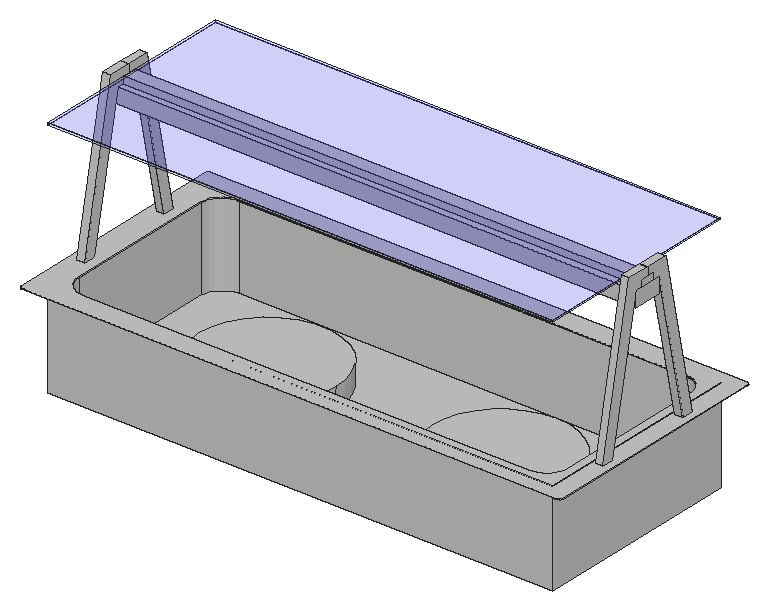
Revit family "QF_ELECTROLUXPROFESSIONAL_CC0HN0_CC0HN0", category Specialty Equipment, Revit 2023
Family settings
  Round Connector Dimension = Use Diameter
  Part Type = Normal
  Work Plane-Based = No
  Enable Cutting in Views = No
  Always vertical = Yes
  Cut with Voids When Loaded = No
  Maintain Annotation Orientation = No
  Shared = No
  Room Calculation Point = No
Parameters (values of type "Standard")
  Weight = 57.05 kg
  Watts = 0 W
  Volts = 220 V
  URL Manufacturer = "http://www.electroluxprofessional.com"
  URL = "http://www.electroluxprofessional.com"
  Steam Supply Size = 0 mm
  Steam Supply Minimum Pressure = 0.0 Pa
  Steam Supply Maximum Pressure = 0.0 Pa
  Steam Consumption per Hour = 0
  Refrigeration Suction Line Size = 0 mm
  Refrigeration Liquid Line Size = 0 mm
  Refrigerant Compressor Remote = yes
  Default Elevation = 0 mm
  Manufacturer = "Electrolux Professional"
  Phase = 1
  Model = "CC0HN0"
  Length Actual = 1420 mm
  Item Number = "CC0HN0"
  Hot Water Size = 0 mm
  Height Actual = 680 mm
  HP = "2.8 HP"
  Gas Size = 0 mm
  Gas KW = 0
  Gas Input Pressure = 0 W
  Direct Waste Size = 25.4 mm
  Description = "DROP-IN BAIN-MARIE, AIR VENTILATED, SINGLE WELL, 4GN WITH A TYPE OVERSHELF AND HALOGEN LAMP"
  Depth Actual = 620 mm
  Cycle = 50 Hz
  Condensate Return Size = 0 mm
  Compressed Air Volume = 0.0 L/s
  Compressed Air Size = 0 mm
  Compressed Air Pressure = 0.0 Pa
  Cold Water Size = 0 mm
  Accessory = no
Reference planes
  plane 1 "BACK": y = 0
  plane 2: z = 5.426
  plane 3 "LEFT": x = 0
  plane 4: y = -620
  plane 5: x = 1420
  plane 6: z = 409.426
  plane 7: y = -310
  plane 8: x = 710
Forms (mm)
  Extrusion 1, solid, material "QF_Finishes_Stainless Steel"
    sketch origin (0, 0, 5.426) x (1, 0, 0) y (0, 1, 0)
      loop
        arc (10, 0) -> (2.929, -2.929) -> (0, -10) r 10
        line (0, -10) -> (0, -610)
        arc (0, -610) -> (2.929, -617.071) -> (10, -620) r 10
        line (10, -620) -> (1410, -620)
        arc (1410, -620) -> (1417.071, -617.071) -> (1420, -610) r 10
        line (1420, -610) -> (1420, -10)
        arc (1420, -10) -> (1417.071, -2.929) -> (1410, 0) r 10
        line (1410, 0) -> (10, 0)
    from 0 to 1
  Extrusion 2, solid, material "QF_Finishes_Stainless Steel"
    sketch origin (0, 0, 12.548) x (1, 0, 0) y (0, 1, 0)
      loop
        line (50, -35) -> (50, -585) -> (1370, -585) -> (1370, -35) -> (50, -35)
    from -251.122 to -7.122
  Extrusion 3, void
    sketch origin (0, 0, -2.817) x (1, 0, 0) y (0, 1, 0)
      loop
        arc (125, -55) -> (86.109, -71.109) -> (70, -110) r 55
        line (70, -110) -> (70, -510)
        arc (70, -510) -> (86.109, -548.891) -> (125, -565) r 55
        line (125, -565) -> (1295, -565)
        arc (1295, -565) -> (1333.891, -548.891) -> (1350, -510) r 55
        line (1350, -510) -> (1350, -110)
        arc (1350, -110) -> (1333.891, -71.109) -> (1295, -55) r 55
        line (1295, -55) -> (125, -55)
    from -209.107 to 9.244
  Extrusion 4, solid, material "QF_Finishes_Stainless Steel"
    sketch origin (21.5, -620, 0) x (0, -1, 0) y (0, 0, -1)
      loop
        line (-310, -409.426) -> (-250.873, -409.426) -> (-165, -5.426) -> (-195, -5.426) -> (-272.583, -370.426) -> (-310, -370.426) -> (-310, -409.426)
    from 0 to 20
  Extrusion 5, solid, material "QF_Finishes_Stainless Steel"
    sketch origin (21.5, 0, 0) x (0, 1, 0) y (0, 0, 1)
      loop
        line (-310, 409.426) -> (-310, 370.426) -> (-272.583, 370.426) -> (-195, 5.426) -> (-165, 5.426) -> (-250.873, 409.426) -> (-310, 409.426)
    from 0 to 20
  Extrusion 6, solid, material "QF_Finishes_Stainless Steel"
    sketch origin (1398.5, -620, 0) x (0, -1, 0) y (0, 0, 1)
      loop
        line (-310, 409.426) -> (-310, 370.426) -> (-272.583, 370.426) -> (-195, 5.426) -> (-165, 5.426) -> (-250.873, 409.426) -> (-310, 409.426)
    from 0 to 20
  Extrusion 7, solid, material "QF_Finishes_Stainless Steel"
    sketch origin (1398.5, 0, 0) x (0, 1, 0) y (0, 0, -1)
      loop
        line (-310, -409.426) -> (-250.873, -409.426) -> (-165, -5.426) -> (-195, -5.426) -> (-272.583, -370.426) -> (-310, -370.426) -> (-310, -409.426)
    from 0 to 20
  Extrusion 8, solid, material "QF_Finishes_Stainless Steel"
    sketch origin (0, 0, 0) x (0, 1, 0) y (0, 0, 1)
      loop
        line (-291.292, 370.426) -> (-291.292, 387.956) -> (-328.917, 387.956) -> (-328.917, 370.426) -> (-291.292, 370.426)
    from 21.5 to 1398.5
  Extrusion 9, solid, material "Vetro"
    sketch origin (0, 0, 5.426) x (1, 0, 0) y (0, 1, 0)
      loop
        line (50, -35) -> (50, -585) -> (1370, -585) -> (1370, -35) -> (50, -35)
    from 382.529 to 387.529
  Extrusion 10, solid, material "QF_Finishes_Stainless Steel"
    sketch origin (329.693, -341.308, -643.387) x (0, 0, -1) y (0, 1, 0)
      loop
        circle (-372.814, -140.692) r 12.7
    from 5 to 70.307
  Extrusion 11, solid, material "QF_Finishes_Stainless Steel"
    sketch origin (0, 0, 0) x (0, 1, 0) y (0, 0, 1)
      loop
        line (-272.583, 370.426) -> (-347.583, 370.426) -> (-347.583, 330.426) -> (-272.583, 330.426) -> (-272.583, 370.426)
    from 21.5 to 1398.5
  Extrusion 12, solid, material "QF_Finishes_Stainless Steel"
    sketch origin (34.947, 0, 0) x (0, 1, 0) y (0, 0, 1)
      loop
        line (-280.414, 330.426) -> (-340.414, 330.426) -> (-340.414, 325.426) -> (-280.414, 325.426) -> (-280.414, 330.426)
    from 113.553 to 313.553
  Extrusion 13, solid, material "QF_Finishes_Stainless Steel"
    sketch origin (769.053, 0, 0) x (0, 1, 0) y (0, 0, -1)
      loop
        line (-280.414, -330.426) -> (-280.414, -325.426) -> (-340.414, -325.426) -> (-340.414, -330.426) -> (-280.414, -330.426)
    from 113.553 to 313.553
  Extrusion 14, solid, material "QF_Finishes_Stainless Steel"
    sketch origin (1385.053, 0, 0) x (0, 1, 0) y (0, 0, -1)
      loop
        line (-280.414, -330.426) -> (-280.414, -325.426) -> (-340.414, -325.426) -> (-340.414, -330.426) -> (-280.414, -330.426)
    from 113.553 to 313.553
  Extrusion 15, solid, material "QF_Finishes_Stainless Steel"
    sketch origin (650.947, 0, 0) x (0, 1, 0) y (0, 0, 1)
      loop
        line (-280.414, 330.426) -> (-340.414, 330.426) -> (-340.414, 325.426) -> (-280.414, 325.426) -> (-280.414, 330.426)
    from 113.553 to 313.553
  Extrusion 16, solid, material "QF_Finishes_Stainless Steel"
    sketch origin (0, 0, 5.426) x (1, 0, 0) y (0, 1, 0)
      loop
        circle (386.025, -481.971) r 12.675
    from -276 to -244
  Extrusion 17, solid, material "QF_Finishes_Stainless Steel"
    sketch origin (0, 0, 22.375) x (1, 0, 0) y (0, 1, 0)
      loop
        circle (1015.693, -310) r 180
    from -234.299 to -181.299
  Extrusion 18, solid, material "QF_Finishes_Stainless Steel"
    sketch origin (1420, 0, 22.375) x (-1, 0, 0) y (0, -1, 0)
      loop
        circle (1015.693, 310) r 180
    from -234.299 to -181.299
  Extrusion 19, solid, material "QF_Finishes_Stainless Steel"
    sketch origin (0, 0, 0.351) x (0, 1, 0) y (0, 0, 1)
      loop
        line (-161.185, -238.924) -> (-461.185, -238.924) -> (-461.185, -268.924) -> (-161.185, -268.924) -> (-161.185, -238.924)
    from 247.74 to 572.66
  Extrusion 20, solid, material "QF_Finishes_Stainless Steel"
    sketch origin (1420, 0, 0.351) x (0, 1, 0) y (0, 0, -1)
      loop
        line (-161.185, 238.924) -> (-161.185, 268.924) -> (-461.185, 268.924) -> (-461.185, 238.924) -> (-161.185, 238.924)
    from 247.74 to 572.66
Cuts and joins
  Extrusion 3 cuts Extrusion 1
  Extrusion 3 cuts Extrusion 2
Dimensions and locks
  equal spacing: Extrusion 1, Extrusion 2 sketch curve, Extrusion 2 sketch curve, Extrusion 1  (x2)
  Extrusion 1 to Extrusion 1 = 1420 mm
  Extrusion 1 to plane 1 "BACK" = 620 mm
  equal spacing: Extrusion 2, Extrusion 3 sketch curve, Extrusion 3 sketch curve, Extrusion 2  (x2)
  plane 6 to plane 2 = 404 mm
  equal spacing: plane 3 "LEFT", plane 8, plane 5
  Extrusion 11 sketch curve to cut or joined group of Extrusion 1, Extrusion 3 = 324 mm
  Extrusion 5 to plane 8 to Extrusion 7 = 668.5 mm, 668.5 mm
  aligned and locked: level to plane 2
Automatic sketch dimensions
  Extrusion 1 sketch curve to plane 3 "LEFT" = 0 mm
  plane 4 to Extrusion 1 sketch curve = 0 mm
  plane 1 "BACK" to Extrusion 1 sketch curve = 0 mm
  Extrusion 1 sketch curve to plane 5 = 0 mm
  plane 3 "LEFT" to Extrusion 1 sketch curve = 10 mm  (x2)
  plane 5 to Extrusion 1 sketch curve = 10 mm  (x2)
  plane 3 "LEFT" to Extrusion 2 sketch curve = 50 mm
  plane 5 to Extrusion 2 sketch curve = 50 mm
  Extrusion 2 sketch curve to plane 4 = 35 mm
  plane 1 "BACK" to Extrusion 2 sketch curve = 35 mm
  plane 3 "LEFT" to Extrusion 3 sketch curve = 70 mm
  Extrusion 3 sketch curve to Extrusion 3 sketch curve = 55 mm  (x3)
  Extrusion 3 sketch curve to plane 4 = 55 mm
  plane 5 to Extrusion 3 sketch curve = 125 mm  (x2)
  plane 1 "BACK" to Extrusion 3 sketch curve = 110 mm
  Extrusion 4 sketch curve to plane 7 = 0 mm
  plane 6 to Extrusion 4 sketch curve = 0 mm
  Extrusion 4 sketch curve to level = 0 mm
  Extrusion 4 sketch curve to Extrusion 4 sketch curve = 37.417 mm
  Extrusion 4 sketch curve to Extrusion 4 sketch curve = 21.71 mm
  plane 7 to Extrusion 4 sketch curve = 115 mm
  Extrusion 4 sketch curve to Extrusion 4 sketch curve = 30 mm
  Extrusion 4 sketch curve to Extrusion 4 sketch curve = 39 mm
  Extrusion 5 sketch curve to plane 7 = 0 mm
  plane 6 to Extrusion 5 sketch curve = 0 mm
  Extrusion 5 sketch curve to level = 0 mm
  Extrusion 5 sketch curve to Extrusion 5 sketch curve = 37.417 mm
  Extrusion 5 sketch curve to Extrusion 5 sketch curve = 21.71 mm
  plane 7 to Extrusion 5 sketch curve = 115 mm
  Extrusion 5 sketch curve to Extrusion 5 sketch curve = 30 mm
  Extrusion 5 sketch curve to Extrusion 5 sketch curve = 39 mm
  Extrusion 6 sketch curve to plane 7 = 0 mm
  plane 6 to Extrusion 6 sketch curve = 0 mm
  Extrusion 6 sketch curve to level = 0 mm
  Extrusion 6 sketch curve to Extrusion 6 sketch curve = 37.417 mm
  Extrusion 6 sketch curve to Extrusion 6 sketch curve = 21.71 mm
  Extrusion 6 sketch curve to plane 7 = 115 mm
  Extrusion 6 sketch curve to Extrusion 6 sketch curve = 30 mm
  Extrusion 6 sketch curve to Extrusion 6 sketch curve = 39 mm
  Extrusion 7 sketch curve to plane 7 = 0 mm
  plane 6 to Extrusion 7 sketch curve = 0 mm
  Extrusion 7 sketch curve to level = 0 mm
  Extrusion 7 sketch curve to Extrusion 7 sketch curve = 37.417 mm
  Extrusion 7 sketch curve to Extrusion 7 sketch curve = 21.71 mm
  plane 7 to Extrusion 7 sketch curve = 115 mm
  Extrusion 7 sketch curve to Extrusion 7 sketch curve = 30 mm
  Extrusion 7 sketch curve to Extrusion 7 sketch curve = 39 mm
  Extrusion 8 sketch curve to plane 7 = 18.917 mm
  plane 7 to Extrusion 8 sketch curve = 18.708 mm
  plane 6 to Extrusion 8 sketch curve = 39 mm
  Extrusion 8 sketch curve to Extrusion 8 sketch curve = 17.529 mm
  plane 3 "LEFT" to Extrusion 9 sketch curve = 50 mm
  plane 5 to Extrusion 9 sketch curve = 50 mm
  Extrusion 9 sketch curve to plane 4 = 35 mm
  plane 1 "BACK" to Extrusion 9 sketch curve = 35 mm
  Extrusion 10 sketch curve to level = 276 mm
  Extrusion 10 sketch curve to plane 4 = 138 mm
  Extrusion 11 sketch curve to plane 7 = 37.583 mm
  plane 7 to Extrusion 11 sketch curve = 37.417 mm
  plane 6 to Extrusion 11 sketch curve = 39 mm
  Extrusion 12 sketch curve to plane 7 = 30.414 mm
  plane 7 to Extrusion 12 sketch curve = 29.586 mm
  plane 6 to Extrusion 12 sketch curve = 84 mm
  Extrusion 12 sketch curve to Extrusion 12 sketch curve = 5 mm
  Extrusion 13 sketch curve to plane 7 = 30.414 mm
  plane 7 to Extrusion 13 sketch curve = 29.586 mm
  plane 6 to Extrusion 13 sketch curve = 79 mm
  Extrusion 13 sketch curve to Extrusion 13 sketch curve = 5 mm
  Extrusion 14 sketch curve to plane 7 = 30.414 mm
  plane 7 to Extrusion 14 sketch curve = 29.586 mm
  plane 6 to Extrusion 14 sketch curve = 79 mm
  Extrusion 14 sketch curve to Extrusion 14 sketch curve = 5 mm
  Extrusion 15 sketch curve to plane 7 = 30.414 mm
  plane 7 to Extrusion 15 sketch curve = 29.586 mm
  plane 6 to Extrusion 15 sketch curve = 84 mm
  Extrusion 15 sketch curve to Extrusion 15 sketch curve = 5 mm
  Extrusion 16 sketch curve to plane 4 = 138.029 mm
  Extrusion 16 sketch curve to plane 8 = 323.975 mm
  Extrusion 17 sketch curve to plane 7 = 0 mm
  plane 8 to Extrusion 17 sketch curve = 305.693 mm
  Extrusion 18 sketch curve to plane 7 = 0 mm
  Extrusion 18 sketch curve to plane 8 = 305.693 mm
  Extrusion 19 sketch curve to plane 7 = 151.185 mm
  plane 7 to Extrusion 19 sketch curve = 148.815 mm
  Extrusion 19 sketch curve to level = 274 mm
  Extrusion 19 sketch curve to Extrusion 19 sketch curve = 30 mm
  Extrusion 20 sketch curve to plane 7 = 151.185 mm
  plane 7 to Extrusion 20 sketch curve = 148.815 mm
  Extrusion 20 sketch curve to level = 244 mm
  Extrusion 20 sketch curve to Extrusion 20 sketch curve = 30 mm
  radius of Extrusion 10 sketch curve = 12.7 mm
  radius of Extrusion 16 sketch curve = 12.675 mm
  radius of Extrusion 17 sketch curve = 180 mm
  radius of Extrusion 18 sketch curve = 180 mm
Connectors
  piping at (334.693, -482, -270.574), diameter 25.4
    settings: on Extrusion 10, index 5, connector inside diameter 609.6 mm, connector length 0 mm, flow factor 0, pipe flow 0.0 L/s, pressure drop 0.0 Pa, fitting loss kfactor 0, connector angle 0.00°, fixture units 0, engagement length 0 mm, angle of deflection 0.00°, flow configuration 0, flow direction 0, fitting loss method 0, system type 29, joint type 0, gender type 0, connector reference index -1, connector utility 0, adjustable connector no, is connector primary yes, connector description "D"
